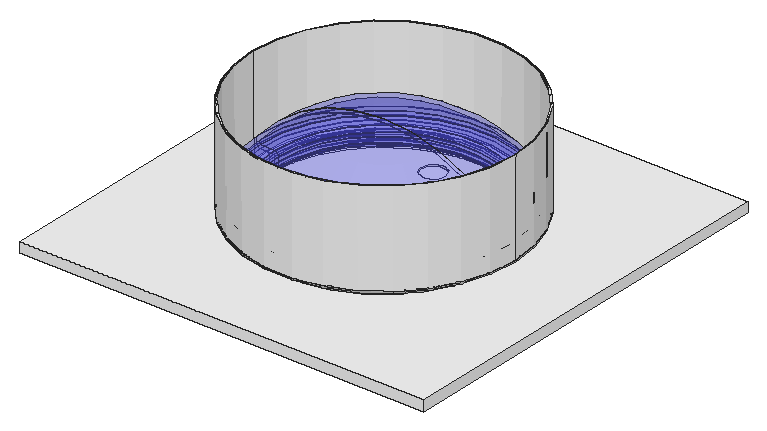
Revit family "BE_51017.1_de_DE", category Leuchten, Revit 2020
Family settings
  Basisbauteil = Fläche
  Bemaßung runder Anschluss = Durchmesser verwenden
  Teiletyp = Normal
  Beim Laden mit Abzugskörper schneiden = Ja
  Lichtquelle = Ja
  Gemeinsam genutzt = Nein
  Raumberechnungspunkt = Ja
Parameters (values of type "BEGA_51017.1_K3")
  built-in parameter 1150104 = 13.816 (stored number, unit not read)
  Wattage = 11.6 W
  Default Elevation = 0 mm
  built-in parameter 1150113 = 1 (stored number, unit not read)
  built-in parameter 1114218 = 1 (stored number, unit not read)
  Umgebungstemperatur = "25 °C"
  URL = "https://www.bega.com/de/produkt/51017.1"
  Typenkommentare = "© 2022 BEGA. Wir behalten uns das Recht vor, technische Änderungen ohne vorherige Ankündigung vorzunehmen."  # constant formula
  built-in parameter 1150134 = (empty or 0)
  built-in parameter 1150109 = 1 (stored number, unit not read)
  Strom = ""
  built-in parameter 1150110 = 1 (stored number, unit not read)
  Spannung = 239.996 V
  Sonderanfertigung = no
  Seriennummer [instance] = "Hier können Sie die eindeutige Seriennummer für das Facility Management eintragen."
  Schutzklasse = "I"
  Schutzart = "IP 20"
  Scheinlast = 0 VA
  Produktdatenblatt = "https://cdn.bega.com/bega/products/51017.1K3/current/documents/data-sheets/de"
  Oberflächentemperatur = ""
  Neigungswinkel = 0.00°
  Modell = "51017.1K3"
  Material_34 = BEGA_Oberfläche_Samtweiss_matt
  Material_14 = BEGA_Kunststoff_opal
  M_W = no
  M_G = no
  M_A = no
  Logo = 0
  built-in parameter 1114217 = 1 (stored number, unit not read)
  built-in parameter 1150139 = (empty or 0)
  built-in parameter 1150105 = 137.27 (stored number, unit not read)
  built-in parameter 1150114 = 1 (stored number, unit not read)
  Lumens = 1725.04 lm
  built-in parameter 1150115 = 1 (stored number, unit not read)
  Leuchtenlichtstrom = "1124 lm"
  Leuchtenanzahl = ""
  Lebensdauerkriterien = "L70B50 @ 25 °C = 131000 h"
  Lastklassifizierung = Beleuchtung
  built-in parameter 1150112 = 1 (stored number, unit not read)
  Lampenlichtstrom = "1725 lm"
  Lampe = "LED 11.6 W"
  LED_Modulbezeichnung = "LED-0509/930"
  Hersteller = "BEGA"  # constant formula
  Halbstreuwinkel = ""
  Gewicht = "1.55 kg"
  Gebrauchslageneinschränkung [instance] = ""
  Frequenz = "50-60 Hz"
  Farbwiedergabeindex = "CRI > 90"
  Farbtemperaturverschiebung bei Dämpfen der Lampe = <Keine Auswahl>
  Farbtemperatur = "3000 K"
  Color Filter = 16777215
  built-in parameter 1150133 = 10 (stored number, unit not read)
  Energieeffizienzklasse = "LED A++ - A"
  built-in parameter 1150137 = (empty or 0)
  built-in parameter 1150132 = (empty or 0)
  ENEC = "ja"
  Dimmbar [instance] = "on/off"
  Datei für fotometrisches Netz = "BE_51017-1K3.ies"
  CE_Konformität = "ja"
  Bestellnummer = "51017.1K3"
  Beschreibung_Sonderanfertigung = "Hier können Sie Informationen zur Sonderanfertigung eintragen."
  Beschreibung = "Deckenleuchte"
  built-in parameter 1150106 = 1.3727 (stored number, unit not read)
  Befestigungsbohrung = "Ø 5,5 mm"
  Befestigungsabstand = "180 mm"
  Ballwurfsicher = ""
  BEGA_Intern_aus = yes
  BEGA_Intern_an = yes
  BEGA_Intern_Konstruktion = yes
  BEGA_Intern = yes
  BEGA_IES = yes
  BEGA_Dummy = no
  Anschlussleitung = ""
  Anschlussleistung [instance] = "15.5 W"
  Anschlusskasten = ""
  built-in parameter 1150107 = 3000 (stored number, unit not read)
  built-in parameter 1150102 = (empty or 0)
  built-in parameter 1150138 = (empty or 0)
  Aktualisierung = "2022-11-01T04:00:04"
  Abstand_zur_angestrahlten_Fläche [instance] = ""
  AC/DC = "AC"
Reference planes
  plane 1 "Mitte (Vorne/Hinten)": y = 0
  plane 2: z = 0
  plane 3 "Mitte (Links/Rechts)": x = 0
  plane 4 "Links": x = -131.008
  plane 5 "Rechts": x = 130.988
  plane 6 "Unten": y = -130.896
  plane 7 "Oben": y = 130.91
  plane 8 "Vorne": z = 104.998
  plane 9 "Hinten": z = 0
Forms (mm)
  Extrusion 1, solid, material "BEGA_Platte_Weiss"
    sketch origin (0, -1119.2, 0) x (1, 0, 0) y (0, 1, 0)
      loop
        line (-200, 1319.2) -> (-200, 919.2) -> (200, 919.2) -> (200, 1319.2) -> (-200, 1319.2)
    from 0 to -10
  Extrusion 2, solid, material "BEGA_Dummy_matt", visible <- "BEGA_Dummy"
    sketch origin (77.149, -76.023, 0) x (1, 0, 0) y (0, 1, 0)
      loop
        circle (-77.149, 76.023) r 130.825
    from 0 to 104.998
Dimensions and locks
  plane 1 "Mitte (Vorne/Hinten)" to Extrusion 1 = 200 mm
  aligned and locked: Extrusion 1 to plane 2
  aligned and locked: level to Extrusion 1
Nested families
  nested 1: "BE_51017.1_Leuchte" at (0, 0, 0), type "BE_51017.1_Leuchte"
Connectors
  electrical at (0, 0, 0), driven by "Lastklassifizierung", driven by "Spannung", driven by "Scheinlast"
    settings: index 1, voltage 239.996 V, apparent load 0 VA, apparent load phase1 0 VA, apparent load phase2 0 VA, apparent load phase3 0 VA, power factor 1, load classification "Beleuchtung", number of poles 1, system type 31, power factor state 1, is connector primary yes, connector utility no, sub classification motor no, connector description ""
Definition of nested family "BE_51017.1_Leuchte"
  Parameters (values of type "BE_51017.1_Leuchte")
    Default Elevation = 1 mm
    URL = "http://www.bega.de/de/produkt"
    Type Comments = "© 2015 BEGA. Wir behalten uns das Recht vor, technische Änderungen ohne vorherige Ankündigung vorzunehmen. "  # constant formula
    Type Image = (empty or 0)
    Material_34 = none
    Material_14 = none
    Länge_Platte = 200 mm  # constant formula
    Höhe_Platte = -10 mm  # constant formula
    Manufacturer = "BEGA"  # constant formula
    Breite_Platte = 200 mm  # constant formula
  Reference planes
    plane 1 "Mitte (Oben/Unten)": y = 0
    plane 2: z = 0
    plane 3 "Mitte (Links/Rechts)": x = 0
    plane 4: y = 130.91
    plane 5: x = 130.988
    plane 6: y = -130.896
    plane 7: x = -131.008
    plane 8: z = 104.998
    plane 9: z = 0
  Forms (mm)
    Extrusion 1, solid, detail levels medium
      sketch origin (0, 0, 0) x (1, 0, 0) y (0, 1, 0)
        loop
          line (-100, 100) -> (-100, -100) -> (100, -100) -> (100, 100) -> (-100, 100)
      from 0 to -10 <- "Höhe_Platte"
    Revolve 2, solid, material <- "Material_34"
      sketch origin (0, 0, 0) x (1, 0, 0) y (0, 0, 1)
        loop
          line (115.329, 20) -> (117.5, 20) -> (117.5, 21) -> (115.331, 21)
          arc (115.331, 21) -> (114.063, 20.484) -> (113.524, 19.225) r 1.8
          line (113.524, 19.225) -> (113.276, 4.974)
          arc (113.276, 4.974) -> (112.826, 3.93) -> (111.774, 3.5) r 1.5
          line (111.774, 3.5) -> (0, 3.5) -> (0, 2.5) -> (111.777, 2.5)
          arc (111.777, 2.5) -> (113.501, 3.19) -> (114.274, 4.878) r 2.5
          line (114.274, 4.878) -> (114.524, 19.21)
          arc (114.524, 19.21) -> (114.764, 19.771) -> (115.329, 20) r 0.8
        axis (0, 2.5) -> (0, 21)
      angle from 0 to 360
    Extrusion 3, void
      sketch origin (0, 0, 0) x (1, 0, 0) y (0, 1, 0)
        loop
          circle (-15, 80) r 11.954
        loop
          circle (15, 80) r 11.994
        loop
          circle (-90, 0) r 2.75
        loop
          circle (90, 0) r 2.75
      from 0 to 4.878
    Revolve 4, solid, material <- "Material_14"
      sketch origin (0, 0, 0) x (1, 0, 0) y (0, 0, 1)
        loop
          arc (0, 87.2) -> (67.014, 72.201) -> (121.239, 30.065) r 157.2
          arc (121.239, 30.065) -> (122.17, 27.888) -> (121.777, 25.553) r 4.2
          line (121.777, 25.553) -> (107.481, 24.804)
          arc (107.481, 24.804) -> (104.796, 23.561) -> (103.7, 20.813) r 4
          line (103.7, 20.813) -> (103.7, 17) -> (103.7, 11.774)
          arc (103.7, 11.774) -> (104.098, 10.28) -> (105.186, 9.182) r 3.003
          line (105.186, 9.182) -> (107.458, 7.87)
          arc (107.458, 7.87) -> (108.492, 6.868) -> (108.941, 5.5) r 3.003
          line (108.941, 5.5) -> (112.75, 5.5) -> (112.75, 8.743)
          arc (112.75, 8.743) -> (112.644, 9.141) -> (112.354, 9.434) r 0.801
          line (112.354, 9.434) -> (108, 11.947)
          arc (108, 11.947) -> (107.634, 12.314) -> (107.5, 12.814) r 1.001
          line (107.5, 12.814) -> (107.5, 17) -> (107.5, 20.051)
          arc (107.5, 20.051) -> (107.774, 20.739) -> (108.446, 21.05) r 1
          line (108.446, 21.05) -> (121.856, 21.752)
          arc (121.856, 21.752) -> (123.904, 22.445) -> (125.293, 24.103) r 4
          arc (125.293, 24.103) -> (125.93, 28.446) -> (124.179, 32.472) r 8
          arc (124.179, 32.472) -> (68.64, 75.635) -> (0, 91) r 161
          line (0, 91) -> (0, 87.2)
        axis (0, 5.5) -> (0, 91)
      angle from 0 to 360
    Revolve 5, solid, material <- "Material_34"
      sketch origin (0, 0, 0) x (1, 0, 0) y (0, 0, 1)
        loop
          line (130.498, 11.487) -> (130.825, 104.995) -> (129.825, 104.998) -> (129.498, 11.491)
          arc (129.498, 11.491) -> (129.203, 10.79) -> (128.5, 10.5) r 0.998
          line (128.5, 10.5) -> (116.927, 10.5)
          arc (116.927, 10.5) -> (116.003, 10.122) -> (115.609, 9.205) r 1.318
          line (115.609, 9.205) -> (115.5, 2.974)
          arc (115.5, 2.974) -> (114.899, 1.576) -> (113.491, 1) r 2.009
          line (113.491, 1) -> (110.5, 1) -> (110.5, 0) -> (113.491, 0)
          arc (113.491, 0) -> (115.6, 0.863) -> (116.5, 2.956) r 3.009
          line (116.5, 2.956) -> (116.614, 9.5) -> (128.5, 9.5)
          arc (128.5, 9.5) -> (129.909, 10.081) -> (130.498, 11.487) r 1.998
        axis (0, 0) -> (0, 104.998)
      angle from 0 to 360
    Revolve 6, solid, material <- "Material_34"
      sketch origin (0, 0, 0) x (1, 0, 0) y (0, 0, 1)
        loop
          line (110.5, 2.5) -> (110.5, 1) -> (113.491, 1)
          arc (113.491, 1) -> (114.899, 1.576) -> (115.5, 2.974) r 2.009
          line (115.5, 2.974) -> (115.606, 9.033)
          arc (115.606, 9.033) -> (115.987, 9.999) -> (116.905, 10.487) r 1.5
          line (116.905, 10.487) -> (128.998, 10.487)
          arc (128.998, 10.487) -> (129.725, 11.09) -> (130, 11.995) r 1.645
          line (130, 11.995) -> (130.325, 104.995) -> (129.325, 104.995) -> (128.998, 11.487) -> (116.846, 11.487)
          arc (116.846, 11.487) -> (115.266, 10.693) -> (114.606, 9.052) r 2.5
          line (114.606, 9.052) -> (114.491, 2.5) -> (110.5, 2.5)
        axis (0, 1) -> (0, 104.995)
      angle from 0 to 360
  Cuts and joins
    Extrusion 3 cuts Revolve 2
  Dimensions and locks
    equal spacing: Extrusion 1 sketch curve, plane 3 "Mitte (Links/Rechts)", Extrusion 1 sketch curve
    equal spacing: Extrusion 1 sketch curve, plane 1 "Mitte (Oben/Unten)", Extrusion 1 sketch curve
    "Länge_Platte": Extrusion 1 sketch curve to Extrusion 1 sketch curve
    "Breite_Platte": Extrusion 1 sketch curve to Extrusion 1 sketch curve
    plane 1 "Mitte (Oben/Unten)" to Extrusion 1 = 100 mm  (x3)
    aligned and locked: plane 2 to Extrusion 1
    aligned and locked: level to Extrusion 1
  Automatic sketch dimensions
    Extrusion 3 sketch curve to plane 3 "Mitte (Links/Rechts)" = 15 mm
    plane 3 "Mitte (Links/Rechts)" to Extrusion 3 sketch curve = 15 mm
    Extrusion 3 sketch curve to plane 1 "Mitte (Oben/Unten)" = 80 mm
    Extrusion 3 sketch curve to Extrusion 3 sketch curve = 0 mm
    Revolve 2 sketch curve to Revolve 2 sketch curve = 0 mm  (x5)
    Revolve 2 sketch curve to plane 3 "Mitte (Links/Rechts)" = 0 mm  (x2)
    Revolve 2 sketch curve to Revolve 2 sketch curve = 0.003 mm  (x2)
    level to Revolve 2 sketch curve = 19.225 mm
    Revolve 2 sketch curve to Revolve 2 sketch curve = 1.747 mm
    level to Revolve 2 sketch curve = 19.21 mm
    Revolve 2 sketch curve to Revolve 2 sketch curve = 1 mm  (x2)
    Revolve 2 sketch curve to Revolve 2 sketch curve = 0.8 mm
    Revolve 2 sketch curve to Revolve 2 sketch curve = 0.004 mm
    Revolve 2 sketch curve to Revolve 2 sketch curve = 0.002 mm  (x2)
    Revolve 2 sketch curve to Revolve 2 sketch curve = 2.169 mm
    level to Revolve 2 sketch curve = 2.5 mm
    Revolve 2 sketch curve to Revolve 2 sketch curve = 1.5 mm
    Revolve 2 sketch curve to Revolve 2 sketch curve = 0.01 mm
    Revolve 2 sketch curve to Revolve 2 sketch curve = 1.497 mm
    level to Revolve 2 sketch curve = 4.974 mm
    Revolve 2 sketch curve to Revolve 2 sketch curve = 0.998 mm
    Revolve 2 sketch curve to level = 609.6 mm
    Revolve 2 sketch curve to Revolve 2 sketch curve = 2588.058 mm
    plane 3 "Mitte (Links/Rechts)" to Revolve 2 sketch curve = 111.777 mm
    level to Revolve 2 sketch curve = 5 mm
    Revolve 2 sketch curve to Revolve 2 sketch curve = 0.096 mm
    Revolve 4 sketch curve to plane 3 "Mitte (Links/Rechts)" = 0 mm  (x3)
    plane 3 "Mitte (Links/Rechts)" to Revolve 4 sketch curve = 0 mm
    level to Revolve 4 sketch curve = 27.391 mm
    plane 3 "Mitte (Links/Rechts)" to Revolve 4 sketch curve = 118 mm
    Revolve 4 sketch curve to level = 70 mm
    Revolve 4 sketch curve to Revolve 4 sketch curve = 0 mm  (x15)
    level to Revolve 4 sketch curve = 87.2 mm
    Revolve 4 sketch curve to Revolve 4 sketch curve = 3.239 mm
    Revolve 4 sketch curve to Revolve 4 sketch curve = 2.94 mm
    Revolve 4 sketch curve to Revolve 4 sketch curve = 4.054 mm
    Revolve 4 sketch curve to Revolve 4 sketch curve = 5.962 mm
    Revolve 4 sketch curve to Revolve 4 sketch curve = 539.6 mm
    Revolve 4 sketch curve to Revolve 4 sketch curve = 2518.058 mm
    Revolve 4 sketch curve to Revolve 4 sketch curve = 3.647 mm
    level to Revolve 4 sketch curve = 25.553 mm
    Revolve 4 sketch curve to Revolve 4 sketch curve = 0.13 mm
    Revolve 4 sketch curve to Revolve 4 sketch curve = 0.193 mm
    level to Revolve 4 sketch curve = 24.804 mm
    Revolve 4 sketch curve to Revolve 4 sketch curve = 10.519 mm
    level to Revolve 4 sketch curve = 21.05 mm
    Revolve 4 sketch curve to Revolve 4 sketch curve = 0.965 mm
    Revolve 4 sketch curve to Revolve 4 sketch curve = 0.079 mm
    level to Revolve 4 sketch curve = 21.752 mm
    Revolve 4 sketch curve to Revolve 4 sketch curve = 0.746 mm
    Revolve 4 sketch curve to Revolve 4 sketch curve = 0.239 mm
    Revolve 4 sketch curve to Revolve 4 sketch curve = 0.003 mm
    Revolve 4 sketch curve to Revolve 4 sketch curve = 3.813 mm
    Revolve 4 sketch curve to Revolve 4 sketch curve = 0.054 mm
    Revolve 4 sketch curve to Revolve 4 sketch curve = 0.759 mm
    Revolve 4 sketch curve to Revolve 4 sketch curve = 3.051 mm
    level to Revolve 4 sketch curve = 11.774 mm
    Revolve 4 sketch curve to Revolve 4 sketch curve = 3.8 mm
    level to Revolve 4 sketch curve = 17 mm
    Revolve 4 sketch curve to Revolve 4 sketch curve = 1.04 mm
    Revolve 4 sketch curve to Revolve 4 sketch curve = 1.001 mm
    Revolve 4 sketch curve to Revolve 4 sketch curve = 3.448 mm
    Revolve 4 sketch curve to Revolve 4 sketch curve = 0.405 mm
    Revolve 4 sketch curve to Revolve 4 sketch curve = 0.691 mm
    level to Revolve 4 sketch curve = 11.947 mm
    Revolve 4 sketch curve to Revolve 4 sketch curve = 0.5 mm
    Revolve 4 sketch curve to Revolve 4 sketch curve = 0.396 mm
    level to Revolve 4 sketch curve = 9.182 mm
    Revolve 4 sketch curve to Revolve 4 sketch curve = 1.486 mm
    Revolve 4 sketch curve to Revolve 4 sketch curve = 1.298 mm
    Revolve 4 sketch curve to Revolve 4 sketch curve = 0.174 mm
    level to Revolve 4 sketch curve = 7.87 mm
    Revolve 4 sketch curve to Revolve 4 sketch curve = 2.272 mm
    Revolve 4 sketch curve to Revolve 4 sketch curve = 3.243 mm
    Revolve 4 sketch curve to Revolve 4 sketch curve = 1.511 mm
    Revolve 4 sketch curve to Revolve 4 sketch curve = 2.595 mm
    Revolve 4 sketch curve to Revolve 4 sketch curve = 1.483 mm
    Revolve 5 sketch curve to Revolve 5 sketch curve = 0 mm  (x10)
    Revolve 5 sketch curve to plane 3 "Mitte (Links/Rechts)" = 0 mm
    Revolve 5 sketch curve to level = 0 mm
    level to Revolve 5 sketch curve = 1 mm
    plane 3 "Mitte (Links/Rechts)" to Revolve 5 sketch curve = 110.5 mm
    Revolve 5 sketch curve to Revolve 5 sketch curve = 2.991 mm
    level to Revolve 5 sketch curve = 2.974 mm
    Revolve 5 sketch curve to Revolve 5 sketch curve = 2.009 mm
    level to Revolve 5 sketch curve = 9.205 mm
    Revolve 5 sketch curve to Revolve 5 sketch curve = 0.109 mm
    level to Revolve 5 sketch curve = 2.956 mm
    Revolve 5 sketch curve to Revolve 5 sketch curve = 1 mm  (x3)
    level to Revolve 5 sketch curve = 9.5 mm
    Revolve 5 sketch curve to Revolve 5 sketch curve = 1.005 mm
    Revolve 5 sketch curve to Revolve 5 sketch curve = 0.313 mm
    Revolve 5 sketch curve to Revolve 5 sketch curve = 11.573 mm
    level to Revolve 5 sketch curve = 11.491 mm
    Revolve 5 sketch curve to Revolve 5 sketch curve = 0.998 mm
    Revolve 5 sketch curve to Revolve 5 sketch curve = 0.326 mm
    level to Revolve 5 sketch curve = 11.487 mm
    Revolve 5 sketch curve to Revolve 5 sketch curve = 0.035 mm
    Revolve 5 sketch curve to Revolve 5 sketch curve = 0.318 mm
    Revolve 5 sketch curve to Revolve 5 sketch curve = 0.007 mm
    Revolve 5 sketch curve to Revolve 5 sketch curve = 93.508 mm
    Revolve 5 sketch curve to Revolve 5 sketch curve = 0.003 mm
    Revolve 5 sketch curve to level = 609.6 mm
    Revolve 5 sketch curve to Revolve 5 sketch curve = 2504.06 mm
    Revolve 6 sketch curve to Revolve 6 sketch curve = 0 mm  (x4)
    Revolve 6 sketch curve to plane 3 "Mitte (Links/Rechts)" = 0 mm
    level to Revolve 6 sketch curve = 2.5 mm
    plane 3 "Mitte (Links/Rechts)" to Revolve 6 sketch curve = 110.5 mm
    Revolve 6 sketch curve to Revolve 6 sketch curve = 2.991 mm
    Revolve 6 sketch curve to Revolve 6 sketch curve = 1 mm  (x3)
    level to Revolve 6 sketch curve = 9.052 mm
    Revolve 6 sketch curve to Revolve 6 sketch curve = 1.115 mm
    level to Revolve 6 sketch curve = 9.033 mm
    Revolve 6 sketch curve to Revolve 6 sketch curve = 1.24 mm
    Revolve 6 sketch curve to Revolve 6 sketch curve = 0.059 mm
    Revolve 6 sketch curve to Revolve 6 sketch curve = 0.201 mm
    Revolve 6 sketch curve to Revolve 6 sketch curve = 11.509 mm
    Revolve 6 sketch curve to Revolve 6 sketch curve = 0.97 mm
    level to Revolve 6 sketch curve = 1 mm
    Revolve 6 sketch curve to Revolve 6 sketch curve = 0.509 mm
    Revolve 6 sketch curve to Revolve 6 sketch curve = 0.033 mm
    Revolve 6 sketch curve to Revolve 6 sketch curve = 92.994 mm
    Revolve 6 sketch curve to Revolve 6 sketch curve = 1.008 mm
    level to Revolve 6 sketch curve = 2.974 mm
    Revolve 6 sketch curve to Revolve 6 sketch curve = 1.002 mm
    Revolve 6 sketch curve to level = 609.6 mm
    Revolve 6 sketch curve to Revolve 6 sketch curve = 2504.063 mm
    Revolve 6 sketch curve to Revolve 6 sketch curve = 0.643 mm
    Revolve 6 sketch curve to Revolve 6 sketch curve = 0.508 mm
    radius of Extrusion 3 sketch curve = 11.954 mm
    radius of Extrusion 3 sketch curve = 11.994 mm
